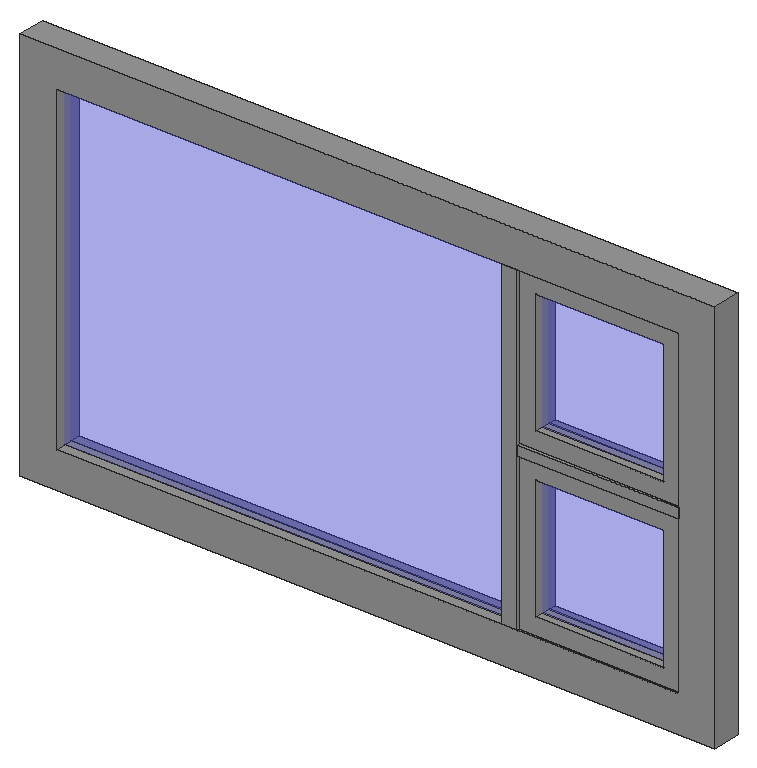
Revit family "Family38", category Windows, host Wall, Revit 2018
Family settings
  Host = Wall
  OmniClass Number = 23.30.20.00
  OmniClass Title = Windows
  Always vertical = Yes
  Cut with Voids When Loaded = No
  Shared = No
  Room Calculation Point = No
Parameters
  Window Frame = White
  Visual Light Transmittance = 0.81
  URL = "www.skywardwindows.co.za"
  Thermal Resistance (R) = 0.3196 (m²·K)/W
  Telephone = "021 276 1800"
  Solar Heat Gain Coefficient = 0.76
  Manufacturer = "Skyward Windows"
  Height = 1190 mm
  Heat Transfer Coefficient (U) = 3.1292 W/(m²·K)
  Glass Thickness = 4 mm
  Glass = Glass
  Frame Width = 46.195 mm
  Email Address = "info@skywardwindows.co.za"
  Default Sill Height = 800 mm
  Wall Closure = By host
  Width = 2090 mm
  Company Address = "Charles Matthews Street Atlantis 7349"
  Analytic Construction = "Double glazing - domestic"
Reference planes
  plane 1 "Center (Front/Back)": y = 0
  plane 2 "Center (Left/Right)": x = 0
  plane 3 "Left": x = -1045
  plane 4 "Right": x = 1045
  plane 5 "Sill": z = 800
  plane 6 "Head": z = 1990
  plane 7 "Exterior": y = 100
  plane 8 "Interior": y = -100
Forms (mm)
  Extrusion 1, solid, material "White" <- "Window Frame"
    sketch origin (0, -100, 0) x (1, 0, 0) y (0, 0, 1)
      loop
        line (-1045, 1990) -> (-1045, 800) -> (1045, 800) -> (1045, 1990) -> (-1045, 1990)
      loop
        line (-936, 909) -> (936, 909) -> (936, 1881) -> (-936, 1881) -> (-936, 909)
    from -142 to -58
  Extrusion 2, solid, material "White" <- "Window Frame"
    sketch origin (0, -100, 0) x (1, 0, 0) y (0, 0, 1)
      loop
        line (450, 1881) -> (450, 1409.726) -> (936, 1409.726) -> (936, 1881) -> (450, 1881)
      loop
        line (500, 1831) -> (500, 1460) -> (886, 1460) -> (886, 1831) -> (500, 1831)
    from -134.904 to -64.489
  Extrusion 3, solid, material "White" <- "Window Frame"
    sketch origin (150, -100, 0) x (1, 0, 0) y (0, 0, 1)
      loop
        line (300, 1881) -> (253.805, 1881) -> (253.805, 909) -> (300, 909) -> (300, 1881)
    from -142 to -58
  Extrusion 4, solid, material "Glass" <- "Glass"
    sketch origin (0, 0, 0) x (1, 0, 0) y (0, 1, 0)
      loop
        line (-936, 14) -> (-936, 10) -> (403.805, 10) -> (403.805, 14) -> (-936, 14)
      loop
        line (403.805, -14) -> (403.805, -10) -> (-936, -10) -> (-936, -14) -> (403.805, -14)
    from 909 to 1881
  Extrusion 5, solid, material "Glass" <- "Glass"
    sketch origin (0, 0, 0) x (1, 0, 0) y (0, 1, 0)
      loop
        line (500, 14) -> (500, 10) -> (886, 10) -> (886, 14) -> (500, 14)
      loop
        line (886, -14) -> (886, -10) -> (500, -10) -> (500, -14) -> (886, -14)
    from 1460 to 1831
  Extrusion 6, solid, material "White" <- "Window Frame"
    sketch origin (0, -100, -501) x (1, 0, 0) y (0, 0, 1)
      loop
        line (450, 1881) -> (450, 1410) -> (936, 1410) -> (936, 1881) -> (450, 1881)
      loop
        line (500, 1831) -> (500, 1460) -> (886, 1460) -> (886, 1831) -> (500, 1831)
    from -134.904 to -64.489
  Extrusion 7, solid, material "Glass" <- "Glass"
    sketch origin (0, 0, -501) x (1, 0, 0) y (0, 1, 0)
      loop
        line (500, 14) -> (500, 10) -> (886, 10) -> (886, 14) -> (500, 14)
      loop
        line (886, -14) -> (886, -10) -> (500, -10) -> (500, -14) -> (886, -14)
    from 1460 to 1831
  Extrusion 8, solid, material "White" <- "Window Frame"
    sketch origin (0, -100, 0) x (1, 0, 0) y (0, 0, 1)
      loop
        line (450, 1409.726) -> (450, 1380) -> (936, 1380) -> (936, 1409.726) -> (450, 1409.726)
    from -142 to -58
Lines and regions (mm)
  Opening 1
    outline origin (3500, -100, 0) x (1, 0, 0) y (0, 0, 1)
      loop
        line (-2455, 800) -> (-2455, 1990) -> (-4545, 1990) -> (-4545, 800) -> (-2455, 800)
Text (mm)
  text "EXTERIOR" at (-1963.203, 1332.353, 0), in view "Ref. Level"
  text "INTERIOR" at (-1981.466, -818.386, 0), in view "Ref. Level"
  text "Exterior" at (0, 923.751, 2943.296), in view "Right"
  text "Exterior" at (0, 1040.484, 2685.409), in view "Left"
Dimensions and locks
  equal spacing: plane 3 "Left", plane 2 "Center (Left/Right)", plane 4 "Right"
  "Width": plane 3 "Left" to plane 4 "Right"
  "Height": plane 5 "Sill" to plane 6 "Head"
  "Default Sill Height": plane 5 "Sill" to level
  locked: plane 7 "Exterior" to host wall at 0
  locked: plane 8 "Interior" to host wall
  "Glass Thickness": Extrusion 4 to Extrusion 4
  "Glass Thickness": Extrusion 5 to Extrusion 5
  aligned and locked: Extrusion 1 sketch curve to host wall  (x4)
Automatic sketch dimensions
  plane 3 "Left" to Opening 1 sketch curve = 0 mm
  plane 4 "Right" to Opening 1 sketch curve = 0 mm
  Opening 1 sketch curve to plane 5 "Sill" = 0 mm
  Opening 1 sketch curve to plane 6 "Head" = 0 mm
  Extrusion 1 sketch curve to plane 3 "Left" = 109 mm
  plane 4 "Right" to Extrusion 1 sketch curve = 109 mm
  Extrusion 1 sketch curve to plane 5 "Sill" = 109 mm
  plane 6 "Head" to Extrusion 1 sketch curve = 109 mm
  Extrusion 2 sketch curve to plane 2 "Center (Left/Right)" = 450 mm
  Extrusion 2 sketch curve to Extrusion 2 sketch curve = 50 mm  (x3)
  plane 4 "Right" to Extrusion 2 sketch curve = 159 mm
  plane 6 "Head" to Extrusion 2 sketch curve = 580.274 mm
  Extrusion 2 sketch curve to Extrusion 2 sketch curve = 50.274 mm
  plane 6 "Head" to Extrusion 2 sketch curve = 159 mm
  plane 6 "Head" to Extrusion 3 sketch curve = 109 mm
  Extrusion 3 sketch curve to plane 2 "Center (Left/Right)" = 403.805 mm
  Extrusion 3 sketch curve to Extrusion 3 sketch curve = 46.195 mm
  Extrusion 3 sketch curve to plane 5 "Sill" = 109 mm
  Extrusion 4 sketch curve to host wall = 14 mm
  Extrusion 4 sketch curve to plane 3 "Left" = 109 mm
  Extrusion 4 sketch curve to Extrusion 4 sketch curve = 0 mm  (x2)
  Extrusion 4 sketch curve to plane 2 "Center (Left/Right)" = 403.805 mm
  host wall to Extrusion 4 sketch curve = 10 mm
  Extrusion 4 sketch curve to Extrusion 4 sketch curve = 4 mm  (x2)
  Extrusion 5 sketch curve to host wall = 14 mm
  Extrusion 5 sketch curve to plane 2 "Center (Left/Right)" = 500 mm
  Extrusion 5 sketch curve to Extrusion 5 sketch curve = 0 mm  (x2)
  plane 4 "Right" to Extrusion 5 sketch curve = 159 mm
  host wall to Extrusion 5 sketch curve = 10 mm
  Extrusion 5 sketch curve to Extrusion 5 sketch curve = 4 mm  (x2)
  Extrusion 6 sketch curve to plane 5 "Sill" = 109 mm
  Extrusion 6 sketch curve to plane 2 "Center (Left/Right)" = 450 mm
  Extrusion 6 sketch curve to Extrusion 6 sketch curve = 50 mm  (x4)
  plane 4 "Right" to Extrusion 6 sketch curve = 159 mm
  Extrusion 6 sketch curve to Extrusion 6 sketch curve = 371 mm
  Extrusion 7 sketch curve to host wall = 14 mm
  Extrusion 7 sketch curve to plane 2 "Center (Left/Right)" = 500 mm
  Extrusion 7 sketch curve to Extrusion 7 sketch curve = 0 mm  (x2)
  plane 4 "Right" to Extrusion 7 sketch curve = 159 mm
  host wall to Extrusion 7 sketch curve = 10 mm
  Extrusion 7 sketch curve to Extrusion 7 sketch curve = 4 mm  (x2)
  Extrusion 8 sketch curve to plane 2 "Center (Left/Right)" = 450 mm
  plane 4 "Right" to Extrusion 8 sketch curve = 109 mm
  Extrusion 8 sketch curve to plane 5 "Sill" = 580 mm
  Extrusion 8 sketch curve to Extrusion 8 sketch curve = 29.726 mm
